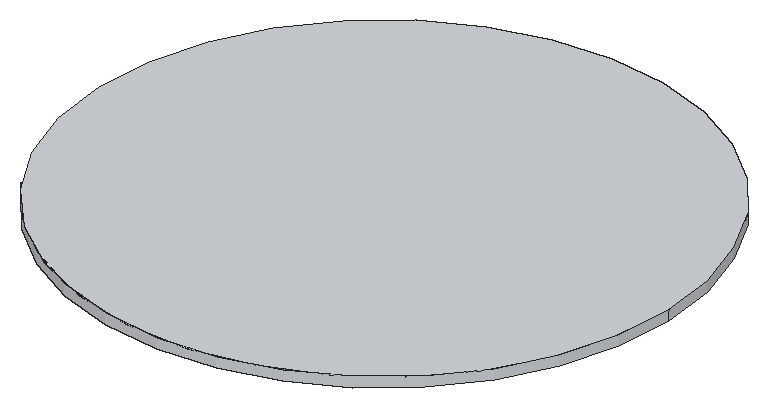
Revit family "CITY", category Lighting Fixtures, host Face, Revit 2023 (continued)
Types (10, lengths in mm): name | Radio | Photometric Web File | built-in parameter 1150142 | Manufacturer | LuxLight_Watios | LuxLight_Temperatura | LuxLight_Lumenes
    04.67514 391.008911 377.202271 362.64679 348.629517 333.886841 319.70578 305.548126 290.665009 276.437134\r\n 262.864532 247.255981 232.840912 217.794006 204.151169 189.80629 174.876389 160.648529 146.514267 131.677963 117.613907 102.894623 89.649597 76.00676 61.427876 48.814686 36.763119 23.541502 12.987609 4.937631 3.229351 2.176302 1.544472\r\n 1.357264 1.28706 1.357264 1.404066 1.357264 1.427467 1.521071 1.638077 1.731681 1.848687 1.895489 1.965692 2.035895 2.152901 2.199703 2.246505 2.34011 2.433714 2.480516 2.550719 2.667725 2.761329 2.831532 2.925137 3.042143 3.135747\r\n 3.229351 3.299555 3.369758 3.486763 3.556967 3.720774 3.744175 3.83778 3.931384 4.024988 4.165395 4.188797 4.305802 4.376005 4.469609 4.586615 4.633417 4.70362 4.797225 4.91423 4.937631 5.054637 5.148241 5.218445 5.288648 5.358851\r\n 5.499258 5.522659 5.616263 5.663065 5.75667 5.803472 5.897076 5.943879 5.990681 5.826873 5.873675 5.920477 5.990681 6.014082 6.131087 6.131087 6.201291 6.294895 6.318296 6.365098 6.388499 6.458703 6.552307 6.528906 6.62251 6.645911\r\n 6.669312 6.716115 6.739516 6.762917 6.762917 6.83312 6.83312 6.856522 6.856522 6.926725 6.856522 6.879922 6.879922 6.866759\r\n841.269409 840.520569 839.935547 839.022888 837.852844 836.401978 834.483093 832.517395 829.966675 827.345764 824.350464 820.793457 817.376892 813.515686 809.2099 804.787109 799.755859 795.052246 789.646606 783.679321 778.063049 772.002197\r\n 765.403015 758.780518 751.549622 744.646301 737.274963 729.295166 721.31543 713.335632 704.513428 695.971985 686.517944 677.531921 668.68634 658.179199 648.818787 638.826477 628.179016 617.765503 606.720215 595.838684 585.2146 572.858826\r\n 561.71991 549.036499 537.710388 525.612 512.25 499.917603 487.257629 473.755188 461.259003 446.937531 433.669128 420.915527 406.126007 392.576813 379.472198 364.869904 350.969635 335.641907 321.460846 307.888245 292.466888 278.941071\r\n 264.736603 249.806702 235.415039 220.414932 206.163666 192.474014 176.888885 163.292847 149.135193 134.392502 120.328438 105.74955 91.802505 78.112862 63.884995 50.639973 38.401199 25.6008 14.578883 5.358851 3.439961 2.293308 1.591274\r\n 1.380665 1.333862 1.357264 1.427467 1.450868 1.521071 1.591274 1.755082 1.848687 1.91889 1.942291 2.059297 2.1295 2.223104 2.316709 2.363511 2.433714 2.527318 2.620923 2.808132 2.925137 2.99534 3.065543 3.135747 3.20595 3.299555 3.369758\r\n 3.486763 3.556967 3.62717 3.720774 3.83778 3.931384 4.001587 4.118593 4.188797 4.282401 4.376005 4.399406 4.469609 4.539813 4.633417 4.727021 4.867428 4.91423 5.007834 5.078038 5.195043 5.218445 5.288648 5.429054 5.499258 5.592862\r\n 5.54606 5.592862 5.686467 5.75667 5.826873 5.709867 5.686467 5.803472 5.826873 5.920477 5.990681 6.014082 6.060884 6.131087 6.224692 6.318296 6.365098 6.435301 6.435301 6.505505 6.575708 6.575708 6.645911 6.692714 6.739516 6.83312\r\n 6.856522 6.856522 6.856522 6.856522 6.903323 6.903323 6.926725 6.856522 6.83312 6.856522 6.856522 6.856522 6.866759\r\n841.269409 841.105652 840.497192 839.561096 838.648499 837.174255 835.302124 833.313049 830.83252 828.258423 825.309814 821.916687 818.453308 814.709167 810.379944 805.863586 801.019531 796.29248 790.910278 784.872742 779.420288 773.616882\r\n 766.783752 760.465454 752.883484 745.675903 738.655579 730.629028 722.672668 714.856689 705.683472 697.539856 687.82843 679.19342 669.73938 659.372681 649.942078 640.090149 629.325684 618.935608 607.866882 596.938538 586.408081 574.028931\r\n 563.123962 550.300171 538.927246 526.969238 513.560425 501.087677 489.106323 475.01886 462.616272 448.318207 435.143372 422.342987 407.764099 394.144653 381.040039 366.601593 351.999268 337.233215 323.824371 309.643311 294.245392\r\n 280.74295 266.608673 251.678802 237.310516 222.333817 208.784576 194.626923 179.275787 165.726563 151.615692 136.896408 122.972763 108.323677 94.540436 80.827385 66.69313 53.939526 40.92852 27.987711 17.035997 7.956373 3.697373 2.480516\r\n 1.638077 1.333862 1.28706 1.357264 1.404066 1.450868 1.49767 1.521071 1.638077 1.731681 1.778483 1.825285 1.895489 1.989093 2.035895 2.1295 2.199703 2.246505 2.363511 2.433714 2.527318 2.644324 2.714527 2.808132 2.925137 2.99534 3.042143\r\n 3.159148 3.252752 3.346357 3.369758 3.486763 3.62717 3.673972 3.720774 3.814378 3.907983 3.978186 4.04839 4.095191 4.165395 4.305802 4.376005 4.493011 4.539813 4.656818 4.727021 4.797225 4.91423 4.984434 5.054637 5.12484 5.195043\r\n 5.195043 5.288648 5.358851 5.382252 5.475856 5.54606 5.616263 5.686467 5.75667 5.803472 5.873675 5.920477 6.014082 6.107686 6.131087 6.131087 6.201291 6.201291 6.294895 6.365098 6.388499 6.435301 6.505505 6.528906 6.575708 6.575708\r\n 6.692714 6.716115 6.762917 6.762917 6.809719 6.856522 6.809719 6.83312 6.83312 6.856522 6.856522 6.879922 6.903323 6.866759\r\n841.269409 841.690613 841.269409 840.450378 839.420715 838.18042 836.261597 834.295837 831.815369 829.264648 826.526672 823.133545 819.670166 816.066406 811.526611 807.314453 802.400208 797.462524 792.290894 786.39386 780.61377 774.903931\r\n 768.351624 761.565308 754.357727 747.290649 739.91925 731.986328 724.334106 716.213989 707.415161 698.78009 689.466492 680.410278 671.049805 660.987366 651.112122 641.65802 630.542542 620.620422 608.990112 598.085205 587.461121 575.737183\r\n 564.106812 551.891479 539.956848 528.490356 515.128296 502.164124 490.042358 476.563324 463.669342 449.371246 436.781433 423.396027 409.402161 395.782745 382.022888 367.654602 354.269196 339.081909 325.041229 311.608978 296.187683\r\n 282.638458 268.43396 252.942459 239.252808 223.50386 209.603622 195.09494 179.977844 165.632965 152.107132 136.592194 123.253578 107.949257 94.634033 80.803986 66.880333 54.664959 42.589996 30.702238 20.195147 10.179477 4.095191 2.761329\r\n 1.825285 1.474269 1.404066 1.450868 1.474269 1.474269 1.591274 1.661478 1.731681 1.872088 1.91889 2.035895 2.106099 2.176302 2.246505 2.269906 2.34011 2.410313 2.527318 2.597522 2.667725 2.737928 2.854934 2.948538 2.99534 3.135747\r\n 3.229351 3.276154 3.41656 3.463362 3.556967 3.62717 3.790978 3.861181 3.954785 4.04839 4.118593 4.235599 4.305802 4.376005 4.493011 4.586615 4.70362 4.797225 4.937631 4.984434 5.054637 5.171642 5.218445 5.288648 5.405653 5.475856\r\n 5.54606 5.663065 5.75667 5.873675 5.943879 5.990681 6.060884 6.177889 6.201291 6.341697 6.365098 6.435301 6.505505 6.575708 6.575708 6.669312 6.716115 6.786318 6.856522 6.950126 6.996928 7.04373 7.04373 6.856522 6.809719 6.856522\r\n 6.83312 6.926725 6.926725 6.950126 6.996928 6.996928 7.04373 7.067131 7.067131 7.113933 7.04373 7.067131 7.067131 7.113933 6.866759\r\n841.269409 844.100952 843.749939 843.188293 842.299072 841.175842 839.561096 837.876221 835.6297 833.242859 830.715515 827.369141 824.186646 820.746643 816.581299 812.36908 807.618652 803.008606 797.907166 792.384521 787.025635 781.128601\r\n 774.318848 767.860168 760.816467 754.170532 747.267212 739.076782 731.635315 723.491699 714.856689 706.338684 696.674072 688.156006 678.912598 669.037354 659.793884 649.895264 638.803101 628.90448 617.367737 607.047852 596.564148\r\n 584.348816 572.952454 561.27533 548.966309 536.891357 524.090942 512.296814 499.683594 486.345001 473.567993 459.85495 446.656738 433.949921 419.277466 406.266449 392.529999 378.044708 364.82309 349.588989 336.109955 321.999084 307.115967\r\n 292.6073 278.753876 262.747498 248.823853 233.613144 219.057663 205.227615 190.157318 175.76564 161.467575 146.654663 133.152237 117.847923 104.626297 91.568489 76.966209 64.329613 51.435612 38.167191 26.162426 15.655334 7.46495 3.088945\r\n 1.872088 1.170055 0.842439 0.842439 0.889242 0.912643 0.889242 0.959445 1.006247 1.029648 1.099851 1.216857 1.28706 1.357264 1.521071 1.567873 1.661478 1.778483 1.801884 1.895489 1.942291 2.106099 2.246505 2.293308 2.410313 2.480516\r\n 2.597522 2.691126 2.78473 2.854934 2.925137 3.018741 3.088945 3.229351 3.299555 3.369758 3.486763 3.556967 3.720774 3.814378 3.884582 3.978186 4.04839 4.188797 4.258999 4.399406 4.493011 4.539813 4.680219 4.750422 4.797225 4.91423\r\n 5.007834 5.101439 5.12484 5.265246 5.358851 5.405653 5.499258 5.499258 5.569461 5.616263 5.75667 5.803472 5.873675 5.920477 5.990681 6.107686 6.084285 6.154489 6.248093 6.294895 6.341697 6.411901 6.482104 6.528906 6.575708 6.62251\r\n 6.645911 6.692714 6.62251 6.388499 6.341697 6.365098 6.365098 6.435301 6.388499 6.482104 6.482104 6.528906 6.552307 6.552307 6.866759\r\n841.269409 841.456604 841.269409 840.66095 839.818542 838.742126 837.174255 835.536133 833.336487 830.972961 828.515808 825.309814 822.174133 818.640503 814.568726 810.379944 805.793335 801.32373 796.29248 790.582642 785.177002 779.350098\r\n 772.938171 766.807129 759.482605 752.883484 745.675903 737.789734 730.044006 722.485474 713.476074 705.285645 695.831604 687.243347 678.046753 668.288513 658.506836 649.146423 638.592529 628.179016 617.133728 606.392578 595.394104\r\n 583.202148 572.460999 560.807251 548.474915 536.42334 523.693115 511.290558 499.238983 485.408936 473.193542 459.597534 446.399292 433.715912 419.066833 406.055817 392.974609 377.904297 364.050873 349.495392 336.086548 321.952271\r\n 306.952179 292.560516 278.777252 263.543152 248.987656 233.776962 219.385284 205.602036 189.946701 176.280457 162.052597 147.2397 133.901077 118.573357 105.445335 91.849304 77.738441 64.961441 51.833431 37.839573 26.022018 15.655334\r\n 7.46495 3.299555 1.989093 1.333862 1.053049 1.053049 1.099851 1.146654 1.170055 1.240258 1.28706 1.357264 1.427467 1.474269 1.521071 1.614676 1.638077 1.778483 1.895489 1.965692 2.059297 2.176302 2.246505 2.34011 2.480516 2.527318\r\n 2.667725 2.737928 2.808132 2.901736 2.99534 3.088945 3.182549 3.276154 3.346357 3.463362 3.556967 3.62717 3.720774 3.814378 3.931384 4.04839 4.165395 4.235599 4.305802 4.376005 4.493011 4.610016 4.727021 4.797225 4.91423 4.937631\r\n 5.078038 5.195043 5.241846 5.358851 5.429054 5.54606 5.616263 5.686467 5.803472 5.873675 5.873675 5.990681 6.107686 6.177889 6.177889 6.248093 6.294895 6.388499 6.435301 6.458703 6.528906 6.552307 6.575708 6.645911 6.692714 6.739516\r\n 6.786318 6.856522 6.809719 6.903323 6.926725 6.879922 6.669312 6.669312 6.692714 6.669312 6.669312 6.716115 6.716115 6.692714 6.739516 6.786318 6.866759\r\n841.269409 840.497192 840.192993 839.701538 838.835693 837.759216 836.121155 834.483093 832.3302 829.990051 827.486145 824.30365 821.004028 817.727905 813.539063 809.677917 804.787109 800.340881 795.613892 789.857178 784.591919 778.81189\r\n 772.470215 766.151917 759.084778 752.181396 745.348328 737.251526 729.435608 721.783386 713.312195 704.981445 695.761414 686.798767 678.187195 667.960938 658.717468 648.79541 638.28833 627.898193 616.899658 606.182007 595.72168 583.553162\r\n 572.718445 561.111511 548.194092 536.821167 523.599548 511.711792 499.121979 485.83017 473.567993 459.410309 446.86734 433.575531 419.417847 405.915405 392.834198 377.740509 364.565704 349.963379 336.016357 321.88208 307.186218 293.613556\r\n 279.362305 264.45578 250.672546 234.993805 220.625534 206.935883 191.795395 177.473923 163.854477 148.29274 134.720123 119.345589 105.983566 92.644943 76.568382 62.387321 48.299862 35.82708 25.764606 15.561728 7.441548 3.276154 2.106099\r\n 1.450868 1.170055 1.216857 1.240258 1.240258 1.310461 1.357264 1.427467 1.427467 1.544472 1.614676 1.661478 1.825285 1.872088 1.965692 2.035895 2.106099 2.246505 2.34011 2.480516 2.597522 2.691126 2.761329 2.901736 2.99534 3.065543\r\n 3.135747 3.229351 3.346357 3.41656 3.486763 3.580368 3.673972 3.720774 3.814378 3.907983 4.001587 4.095191 4.188797 4.258999 4.352604 4.446208 4.539813 4.633417 4.727021 4.797225 4.867428 4.984434 5.007834 5.12484 5.241846 5.33545\r\n 5.405653 5.499258 5.54606 5.686467 5.686467 5.803472 5.826873 5.873675 5.990681 6.084285 6.131087 6.177889 6.248093 6.318296 6.388499 6.435301 6.482104 6.552307 6.62251 6.62251 6.716115 6.762917 6.809719 6.903323 6.879922 6.926725\r\n 6.903323 6.762917 6.669312 6.692714 6.716115 6.762917 6.739516 6.856522 6.856522 6.83312 6.856522 6.856522 6.856522 6.866759\r\n841.269409 840.333374 840.005737 839.397278 838.601685 837.501831 835.910583 834.155457 832.026001 829.70929 827.018127 824.139832 820.770081 817.423645 813.18811 809.28009 804.553101 800.060059 795.09906 789.646606 784.006958 778.531128\r\n 771.908508 765.800903 758.476318 751.924011 745.067505 737.228149 729.295166 721.689819 713.242004 704.747437 695.34021 686.775391 677.648926 667.890686 658.366394 648.935791 638.522278 628.15564 617.180542 606.415955 595.908875 583.833923\r\n 572.437622 561.368896 548.545105 537.055176 523.739929 511.992584 499.94101 485.947174 473.099945 459.48053 446.960938 433.786133 419.745453 406.149414 393.021393 378.091492 364.82309 349.705994 336.273743 322.116089 307.326599 293.122131\r\n 279.502686 264.502594 250.274719 235.181015 221.655197 207.474121 192.029404 178.526962 165.024536 149.533005 136.124176 120.843262 107.481232 94.236214 79.002098 65.569878 52.020638 38.518204 26.349634 14.812894 5.312049 3.182549\r\n 1.989093 1.427467 1.28706 1.240258 1.28706 1.333862 1.357264 1.427467 1.474269 1.591274 1.614676 1.70828 1.755082 1.848687 1.895489 1.989093 2.106099 2.1295 2.223104 2.316709 2.386912 2.480516 2.550719 2.667725 2.808132 2.925137 2.99534\r\n 3.159148 3.276154 3.346357 3.41656 3.486763 3.580368 3.744175 3.790978 3.884582 3.978186 4.04839 4.188797 4.258999 4.376005 4.469609 4.563214 4.610016 4.70362 4.797225 4.820626 4.91423 5.007834 5.054637 5.171642 5.218445 5.312049\r\n 5.382252 5.475856 5.616263 5.686467 5.75667 5.826873 5.873675 5.943879 6.014082 6.107686 6.177889 6.248093 6.318296 6.341697 6.435301 6.482104 6.505505 6.552307 6.62251 6.62251 6.575708 6.458703 6.458703 6.411901 6.482104 6.575708\r\n 6.575708 6.62251 6.692714 6.716115 6.716115 6.762917 6.786318 6.83312 6.903323 6.903323 6.926725 6.926725 6.973526 6.866759\r\n841.269409 840.497192 840.192993 839.490906 838.671936 837.572021 836.004211 834.249084 832.002625 829.70929 827.018127 823.788757 820.536072 817.072693 812.907288 808.812073 804.17865 799.545288 794.748047 788.968018 783.60907 777.782227\r\n 771.417114 764.981812 758.008301 751.479431 744.388855 736.221863 728.827148 720.964355 712.37616 704.373047 694.801941 685.932922 677.204346 666.954651 657.734619 648.046509 637.516052 627.664246 616.244446 605.924561 594.949463\r\n 582.780884 571.969604 560.386047 548.077087 536.072266 523.295349 510.939514 498.864563 485.549347 472.725555 459.082703 445.88446 432.592651 418.505188 405.423981 391.734344 377.249084 363.302032 348.746521 334.682495 321.13324 306.320343\r\n 292.045685 278.426239 262.747498 249.104675 234.05777 219.806503 206.210464 190.672119 177.076096 162.871628 147.286499 133.760666 118.947769 105.585747 91.779106 77.434227 63.931793 51.271805 37.745972 25.226383 12.659993 4.984434\r\n 3.159148 1.989093 1.427467 1.28706 1.240258 1.333862 1.357264 1.380665 1.474269 1.521071 1.544472 1.638077 1.661478 1.825285 1.895489 1.942291 2.035895 2.1295 2.176302 2.246505 2.34011 2.410313 2.527318 2.597522 2.667725 2.737928\r\n 2.878335 2.971939 3.065543 3.159148 3.20595 3.346357 3.41656 3.463362 3.533566 3.697373 3.744175 3.814378 3.978186 4.095191 4.118593 4.235599 4.282401 4.305802 4.399406 4.563214 4.633417 4.70362 4.844027 4.91423 4.984434 5.078038\r\n 5.148241 5.218445 5.288648 5.358851 5.405653 5.522659 5.54606 5.686467 5.803472 5.826873 5.873675 5.920477 6.014082 6.084285 6.154489 6.154489 6.224692 6.294895 6.365098 6.435301 6.458703 6.505505 6.505505 6.505505 6.505505 6.575708\r\n 6.575708 6.62251 6.739516 6.739516 6.762917 6.786318 6.83312 6.879922 6.856522 6.879922 6.903323 6.926725 6.926725 6.926725 6.926725 6.866759\r\n" | "" | 30 W | 4000 K | 2340 lm
